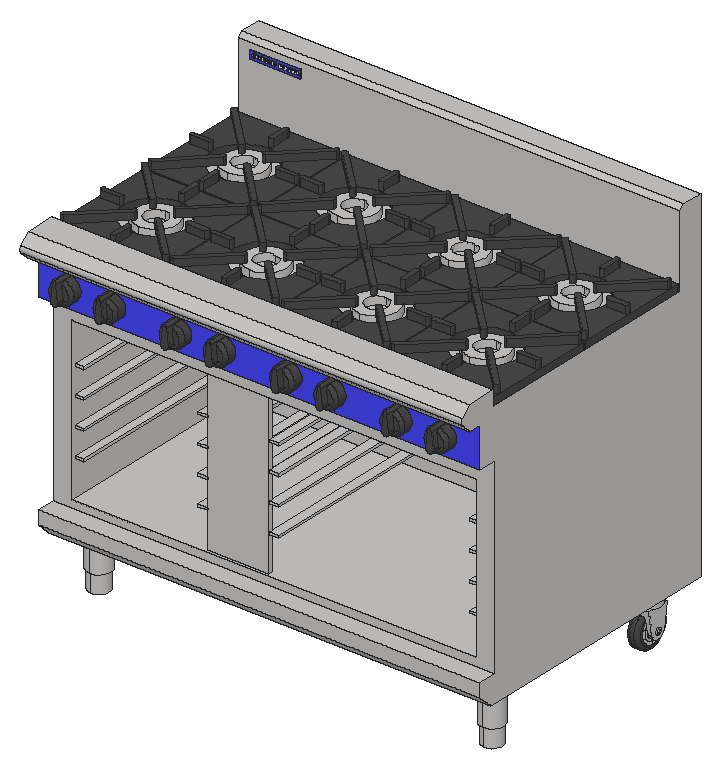
Revit family "QF_MOFFAT_BLUESEAL_CE_G518D-CB", category Specialty Equipment, Revit 2012 (continued)
Definition of nested family "GAS BURNER 1200"
  Lines and regions (mm)
    symbolic lines
      curve 372: spline (915.153, -313.898, 0) -> (914.084, -314.659, 0) -> (912.779, -315.059, 0) -> (911.328, -315.072, 0) -> (909.829, -314.697, 0) -> (908.384, -313.959, 0) -> (907.092, -312.908, 0) -> (906.041, -311.616, 0) -> (905.303, -310.171, 0) -> (904.928, -308.672, 0) -> (904.941, -307.221, 0) -> (905.341, -305.916, 0) -> (906.102, -304.847, 0)
      curve 373: line (1184.847, -313.898, 0) -> (1076.924, -202.475, 0)
      curve 374: spline (1076.924, -202.475, 0) -> (1076.163, -201.405, 0) -> (1075.762, -200.101, 0) -> (1075.749, -198.649, 0) -> (1076.125, -197.15, 0) -> (1076.863, -195.705, 0) -> (1077.914, -194.414, 0) -> (1079.205, -193.363, 0) -> (1080.65, -192.625, 0) -> (1082.149, -192.249, 0) -> (1083.601, -192.262, 0) -> (1084.905, -192.663, 0) -> (1085.975, -193.424, 0)
      curve 375: line (1085.975, -193.424, 0) -> (1193.898, -304.847, 0)
      curve 376: spline (1193.898, -304.847, 0) -> (1194.659, -305.916, 0) -> (1195.059, -307.221, 0) -> (1195.072, -308.672, 0) -> (1194.697, -310.171, 0) -> (1193.959, -311.616, 0) -> (1192.908, -312.908, 0) -> (1191.616, -313.959, 0) -> (1190.171, -314.697, 0) -> (1188.672, -315.072, 0) -> (1187.221, -315.059, 0) -> (1185.916, -314.659, 0) -> (1184.847, -313.898, 0)
      curve 377: line (1191.102, -172.9, 0) -> (1141.898, -172.9, 0)
      curve 378: spline (1141.898, -172.9, 0) -> (1140.604, -172.682, 0) -> (1139.398, -172.043, 0) -> (1138.362, -171.025, 0) -> (1137.568, -169.7, 0) -> (1137.068, -168.156, 0) -> (1136.898, -166.5, 0) -> (1137.068, -164.844, 0) -> (1137.568, -163.3, 0) -> (1138.362, -161.975, 0) -> (1139.398, -160.957, 0) -> (1140.604, -160.318, 0) -> (1141.898, -160.1, 0)
      curve 379: line (1141.898, -160.1, 0) -> (1191.102, -160.1, 0)
      curve 380: spline (1191.102, -160.1, 0) -> (1192.396, -160.318, 0) -> (1193.602, -160.957, 0) -> (1194.638, -161.975, 0) -> (1195.432, -163.3, 0) -> (1195.932, -164.844, 0) -> (1196.102, -166.5, 0) -> (1195.932, -168.156, 0) -> (1195.432, -169.7, 0) -> (1194.638, -171.025, 0) -> (1193.602, -172.043, 0) -> (1192.396, -172.682, 0) -> (1191.102, -172.9, 0)
      curve 381: line (1193.898, -31.653, 0) -> (1085.975, -139.576, 0)
      curve 382: spline (1085.975, -139.576, 0) -> (1084.905, -140.337, 0) -> (1083.601, -140.738, 0) -> (1082.149, -140.751, 0) -> (1080.65, -140.375, 0) -> (1079.205, -139.637, 0) -> (1077.914, -138.586, 0) -> (1076.863, -137.295, 0) -> (1076.125, -135.85, 0) -> (1075.749, -134.351, 0) -> (1075.762, -132.899, 0) -> (1076.163, -131.595, 0) -> (1076.924, -130.525, 0)
      curve 383: line (1076.924, -130.525, 0) -> (1184.847, -22.602, 0)
      curve 384: spline (1184.847, -22.602, 0) -> (1186.076, -21.681, 0) -> (1187.53, -21.131, 0) -> (1189.11, -20.99, 0) -> (1190.708, -21.267, 0) -> (1192.214, -21.943, 0) -> (1193.527, -22.973, 0) -> (1194.557, -24.286, 0) -> (1195.233, -25.792, 0) -> (1195.51, -27.39, 0) -> (1195.369, -28.97, 0) -> (1194.819, -30.424, 0) -> (1193.898, -31.653, 0)
      curve 385: arc (1050, -136.5, 0) -> (1020, -166.5, 0) -> (1050, -196.5, 0) r 30
      curve 386: arc (1050, -196.5, 0) -> (1080, -166.5, 0) -> (1050, -136.5, 0) r 30
      curve 387: line (1043.6, -311.102, 0) -> (1043.6, -261.898, 0)
      curve 388: spline (1043.6, -261.898, 0) -> (1043.818, -260.604, 0) -> (1044.457, -259.398, 0) -> (1045.475, -258.362, 0) -> (1046.8, -257.568, 0) -> (1048.344, -257.068, 0) -> (1050, -256.898, 0) -> (1051.656, -257.068, 0) -> (1053.2, -257.568, 0) -> (1054.525, -258.362, 0) -> (1055.543, -259.398, 0) -> (1056.182, -260.604, 0) -> (1056.4, -261.898, 0)
      curve 389: line (1056.4, -261.898, 0) -> (1056.4, -311.102, 0)
      curve 390: spline (1056.4, -311.102, 0) -> (1056.182, -312.396, 0) -> (1055.543, -313.602, 0) -> (1054.525, -314.638, 0) -> (1053.2, -315.432, 0) -> (1051.656, -315.932, 0) -> (1050, -316.102, 0) -> (1048.344, -315.932, 0) -> (1046.8, -315.432, 0) -> (1045.475, -314.638, 0) -> (1044.457, -313.602, 0) -> (1043.818, -312.396, 0) -> (1043.6, -311.102, 0)
      curve 391: line (1043.6, -378.102, 0) -> (1043.6, -328.898, 0)
      curve 392: spline (1043.6, -328.898, 0) -> (1043.818, -327.604, 0) -> (1044.457, -326.398, 0) -> (1045.475, -325.362, 0) -> (1046.8, -324.568, 0) -> (1048.344, -324.068, 0) -> (1050, -323.898, 0) -> (1051.656, -324.068, 0) -> (1053.2, -324.568, 0) -> (1054.525, -325.362, 0) -> (1055.543, -326.398, 0) -> (1056.182, -327.604, 0) -> (1056.4, -328.898, 0)
      curve 393: line (1056.4, -328.898, 0) -> (1056.4, -378.102, 0)
      curve 394: spline (1056.4, -378.102, 0) -> (1056.182, -379.396, 0) -> (1055.543, -380.602, 0) -> (1054.525, -381.638, 0) -> (1053.2, -382.432, 0) -> (1051.656, -382.932, 0) -> (1050, -383.102, 0) -> (1048.344, -382.932, 0) -> (1046.8, -382.432, 0) -> (1045.475, -381.638, 0) -> (1044.457, -380.602, 0) -> (1043.818, -379.396, 0) -> (1043.6, -378.102, 0)
      curve 395: line (915.153, -326.102, 0) -> (1023.076, -434.025, 0)
      curve 396: spline (1023.076, -434.025, 0) -> (1023.837, -435.095, 0) -> (1024.238, -436.399, 0) -> (1024.251, -437.851, 0) -> (1023.875, -439.35, 0) -> (1023.137, -440.795, 0) -> (1022.086, -442.086, 0) -> (1020.795, -443.137, 0) -> (1019.35, -443.875, 0) -> (1017.851, -444.251, 0) -> (1016.399, -444.238, 0) -> (1015.095, -443.837, 0) -> (1014.025, -443.076, 0)
      curve 397: line (1014.025, -443.076, 0) -> (906.102, -335.153, 0)
      curve 398: spline (906.102, -335.153, 0) -> (905.341, -334.084, 0) -> (904.941, -332.779, 0) -> (904.928, -331.328, 0) -> (905.303, -329.829, 0) -> (906.041, -328.384, 0) -> (907.092, -327.092, 0) -> (908.384, -326.041, 0) -> (909.829, -325.303, 0) -> (911.328, -324.928, 0) -> (912.779, -324.941, 0) -> (914.084, -325.341, 0) -> (915.153, -326.102, 0)
      curve 399: line (1076.924, -434.025, 0) -> (1184.847, -326.102, 0)
      curve 400: spline (1184.847, -326.102, 0) -> (1186.076, -325.181, 0) -> (1187.53, -324.631, 0) -> (1189.11, -324.49, 0) -> (1190.708, -324.767, 0) -> (1192.214, -325.443, 0) -> (1193.527, -326.473, 0) -> (1194.557, -327.786, 0) -> (1195.233, -329.292, 0) -> (1195.51, -330.89, 0) -> (1195.369, -332.47, 0) -> (1194.819, -333.924, 0) -> (1193.898, -335.153, 0)
      curve 401: line (1193.898, -335.153, 0) -> (1085.975, -443.076, 0)
      curve 402: spline (1085.975, -443.076, 0) -> (1084.905, -443.837, 0) -> (1083.601, -444.238, 0) -> (1082.149, -444.251, 0) -> (1080.65, -443.875, 0) -> (1079.205, -443.137, 0) -> (1077.914, -442.086, 0) -> (1076.863, -440.795, 0) -> (1076.125, -439.35, 0) -> (1075.749, -437.851, 0) -> (1075.762, -436.399, 0) -> (1076.163, -435.095, 0) -> (1076.924, -434.025, 0)
      curve 403: line (1141.898, -463.6, 0) -> (1191.102, -463.6, 0)
      curve 404: spline (1191.102, -463.6, 0) -> (1192.396, -463.818, 0) -> (1193.602, -464.457, 0) -> (1194.638, -465.475, 0) -> (1195.432, -466.8, 0) -> (1195.932, -468.344, 0) -> (1196.102, -470, 0) -> (1195.932, -471.656, 0) -> (1195.432, -473.2, 0) -> (1194.638, -474.525, 0) -> (1193.602, -475.543, 0) -> (1192.396, -476.182, 0) -> (1191.102, -476.4, 0)
      curve 405: line (1191.102, -476.4, 0) -> (1141.898, -476.4, 0)
      curve 406: spline (1141.898, -476.4, 0) -> (1140.604, -476.182, 0) -> (1139.398, -475.543, 0) -> (1138.362, -474.525, 0) -> (1137.568, -473.2, 0) -> (1137.068, -471.656, 0) -> (1136.898, -470, 0) -> (1137.068, -468.344, 0) -> (1137.568, -466.8, 0) -> (1138.362, -465.475, 0) -> (1139.398, -464.457, 0) -> (1140.604, -463.818, 0) -> (1141.898, -463.6, 0)
      curve 407: line (1085.975, -496.924, 0) -> (1193.898, -603.347, 0)
      curve 408: spline (1193.898, -603.347, 0) -> (1194.659, -604.416, 0) -> (1195.059, -605.721, 0) -> (1195.072, -607.172, 0) -> (1194.697, -608.671, 0) -> (1193.959, -610.116, 0) -> (1192.908, -611.408, 0) -> (1191.616, -612.459, 0) -> (1190.171, -613.197, 0) -> (1188.672, -613.572, 0) -> (1187.221, -613.559, 0) -> (1185.916, -613.159, 0) -> (1184.847, -612.398, 0)
      curve 409: line (1184.847, -612.398, 0) -> (1076.924, -505.975, 0)
      curve 410: spline (1076.924, -505.975, 0) -> (1076.163, -504.905, 0) -> (1075.762, -503.601, 0) -> (1075.749, -502.149, 0) -> (1076.125, -500.65, 0) -> (1076.863, -499.205, 0) -> (1077.914, -497.914, 0) -> (1079.205, -496.863, 0) -> (1080.65, -496.125, 0) -> (1082.149, -495.749, 0) -> (1083.601, -495.762, 0) -> (1084.905, -496.163, 0) -> (1085.975, -496.924, 0)
      curve 411: line (1043.6, -609.602, 0) -> (1043.6, -561.898, 0)
      curve 412: spline (1043.6, -561.898, 0) -> (1043.818, -560.604, 0) -> (1044.457, -559.398, 0) -> (1045.475, -558.362, 0) -> (1046.8, -557.568, 0) -> (1048.344, -557.068, 0) -> (1050, -556.898, 0) -> (1051.656, -557.068, 0) -> (1053.2, -557.568, 0) -> (1054.525, -558.362, 0) -> (1055.543, -559.398, 0) -> (1056.182, -560.604, 0) -> (1056.4, -561.898, 0)
      curve 413: line (1056.4, -561.898, 0) -> (1056.4, -609.602, 0)
      curve 414: spline (1056.4, -609.602, 0) -> (1056.182, -610.896, 0) -> (1055.543, -612.102, 0) -> (1054.525, -613.138, 0) -> (1053.2, -613.932, 0) -> (1051.656, -614.432, 0) -> (1050, -614.602, 0) -> (1048.344, -614.432, 0) -> (1046.8, -613.932, 0) -> (1045.475, -613.138, 0) -> (1044.457, -612.102, 0) -> (1043.818, -610.896, 0) -> (1043.6, -609.602, 0)
      curve 415: line (1023.076, -505.975, 0) -> (915.153, -612.398, 0)
      curve 416: spline (915.153, -612.398, 0) -> (914.084, -613.159, 0) -> (912.779, -613.559, 0) -> (911.328, -613.572, 0) -> (909.829, -613.197, 0) -> (908.384, -612.459, 0) -> (907.092, -611.408, 0) -> (906.041, -610.116, 0) -> (905.303, -608.671, 0) -> (904.928, -607.172, 0) -> (904.941, -605.721, 0) -> (905.341, -604.416, 0) -> (906.102, -603.347, 0)
      curve 417: line (906.102, -603.347, 0) -> (1014.025, -496.924, 0)
      curve 418: spline (1014.025, -496.924, 0) -> (1015.095, -496.163, 0) -> (1016.399, -495.762, 0) -> (1017.851, -495.749, 0) -> (1019.35, -496.125, 0) -> (1020.795, -496.863, 0) -> (1022.086, -497.914, 0) -> (1023.137, -499.205, 0) -> (1023.875, -500.65, 0) -> (1024.251, -502.149, 0) -> (1024.238, -503.601, 0) -> (1023.837, -504.905, 0) -> (1023.076, -505.975, 0)
      curve 419: arc (1050.009, -384.418, 0) -> (1020.313, -389.836, 0) -> (994.444, -405.393, 0) r 84.082
      curve 420: arc (1050.009, -552.582, 0) -> (1078.827, -547.489, 0) -> (1104.155, -532.827, 0) r 84.082
      curve 421: arc (1050, -523.5, 0) -> (1032.334, -520.693, 0) -> (1016.408, -512.55, 0) r 57
      curve 422: arc (1050, -409.5, 0) -> (1069.986, -413.119, 0) -> (1087.434, -423.515, 0) r 57
      curve 423: arc (1050, -436.5, 0) -> (1020, -466.5, 0) -> (1050, -496.5, 0) r 30
      curve 424: arc (1050, -496.5, 0) -> (1080, -466.5, 0) -> (1050, -436.5, 0) r 30
      curve 425: line (908.898, -463.6, 0) -> (958.102, -463.6, 0)
      curve 426: spline (958.102, -463.6, 0) -> (959.396, -463.818, 0) -> (960.602, -464.457, 0) -> (961.638, -465.475, 0) -> (962.432, -466.8, 0) -> (962.932, -468.344, 0) -> (963.102, -470, 0) -> (962.932, -471.656, 0) -> (962.432, -473.2, 0) -> (961.638, -474.525, 0) -> (960.602, -475.543, 0) -> (959.396, -476.182, 0) -> (958.102, -476.4, 0)
      curve 427: line (958.102, -476.4, 0) -> (908.898, -476.4, 0)
      curve 428: spline (908.898, -476.4, 0) -> (907.604, -476.182, 0) -> (906.398, -475.543, 0) -> (905.362, -474.525, 0) -> (904.568, -473.2, 0) -> (904.068, -471.656, 0) -> (903.898, -470, 0) -> (904.068, -468.344, 0) -> (904.568, -466.8, 0) -> (905.362, -465.475, 0) -> (906.398, -464.457, 0) -> (907.604, -463.818, 0) -> (908.898, -463.6, 0)
      curve 429: spline (891.102, -463.6, 0) -> (892.396, -463.818, 0) -> (893.602, -464.457, 0) -> (894.638, -465.475, 0) -> (895.432, -466.8, 0) -> (895.932, -468.344, 0) -> (896.102, -470, 0) -> (895.932, -471.656, 0) -> (895.432, -473.2, 0) -> (894.638, -474.525, 0) -> (893.602, -475.543, 0) -> (892.396, -476.182, 0) -> (891.102, -476.4, 0)
      curve 430: arc (1103.676, -103.773, 0) -> (1078.534, -89.404, 0) -> (1050.009, -84.418, 0) r 84.082
      curve 431: arc (987.129, -112.68, 0) -> (965.934, -167.408, 0) -> (985.7, -222.668, 0) r 84.082
      curve 432: arc (1005.546, -202.178, 0) -> (993, -166.598, 0) -> (1005.424, -130.975, 0) r 57
      curve 433: arc (1085.372, -211.197, 0) -> (1068.725, -220.336, 0) -> (1050, -223.5, 0) r 57
      curve 434: arc (1094.576, -130.975, 0) -> (1107, -166.598, 0) -> (1094.454, -202.178, 0) r 57
      curve 435: arc (1012.566, -423.515, 0) -> (1030.014, -413.119, 0) -> (1050, -409.5, 0) r 57
      curve 436: arc (1096.089, -432.962, 0) -> (1106.947, -468.956, 0) -> (1093.031, -503.881, 0) r 57
      curve 437: arc (1090.268, -506.842, 0) -> (1089.386, -507.704, 0) -> (1088.484, -508.547, 0) r 57
      curve 438: arc (1006.969, -503.881, 0) -> (993.053, -468.956, 0) -> (1003.911, -432.962, 0) r 57
      curve 439: arc (985.509, -414.56, 0) -> (965.932, -469.429, 0) -> (986.717, -523.853, 0) r 84.082
      curve 440: arc (1105.564, -405.385, 0) -> (1079.699, -389.834, 0) -> (1050.009, -384.418, 0) r 84.082
      curve 441: arc (1113.293, -523.862, 0) -> (1134.086, -469.429, 0) -> (1114.501, -414.55, 0) r 84.082
      curve 442: arc (1083.592, -512.55, 0) -> (1067.666, -520.693, 0) -> (1050, -523.5, 0) r 57
      curve 443: arc (995.853, -532.819, 0) -> (1021.184, -547.487, 0) -> (1050.009, -552.582, 0) r 84.082
      curve 444: arc (1014.475, -121.924, 0) -> (1031.183, -112.696, 0) -> (1050, -109.5, 0) r 57
      curve 445: arc (994.669, -231.803, 0) -> (1020.453, -247.216, 0) -> (1050.009, -252.582, 0) r 84.082
      curve 446: arc (1114.31, -222.678, 0) -> (1134.084, -167.408, 0) -> (1112.881, -112.67, 0) r 84.082
  Dimensions and locks
    equal spacing: plane 3 "LEFT", plane 7 "Center Y", plane 4 "RIGHT"
    "Width": plane 3 "LEFT" to plane 4 "RIGHT"
    equal spacing: plane 5 "FRONT", plane 8 "Center X", plane 1 "BACK"
    "Depth": plane 5 "FRONT" to plane 1 "BACK"
    aligned and locked: level to plane 2
  Automatic sketch dimensions
    curve 29 to curve 30 = 0.0 mm  (x2)
    curve 29 to curve 33 = 0.0 mm  (x2)
    curve 29 to curve 34 = 0.0 mm  (x2)
    curve 29 to curve 189 = 0.0 mm  (x2)
    curve 29 to curve 190 = 0.0 mm  (x2)
    curve 29 to curve 191 = 0.0 mm  (x2)
    curve 29 to curve 192 = 0.0 mm  (x2)
    curve 30 to curve 33 = 0.0 mm  (x2)
    curve 30 to curve 34 = 0.0 mm  (x2)
    curve 30 to curve 189 = 0.0 mm  (x2)
    curve 30 to curve 190 = 0.0 mm  (x2)
    curve 30 to curve 191 = 0.0 mm  (x2)
    curve 30 to curve 192 = 0.0 mm  (x2)
    curve 31 to curve 32 = 0.0 mm  (x2)
    curve 31 to curve 212 = 0.0 mm  (x2)
    curve 31 to curve 213 = 0.0 mm  (x2)
    curve 31 to curve 214 = 0.0 mm  (x2)
    curve 31 to curve 215 = 0.0 mm  (x2)
    curve 32 to curve 212 = 0.0 mm  (x2)
    curve 32 to curve 213 = 0.0 mm  (x2)
    curve 32 to curve 214 = 0.0 mm  (x2)
    curve 32 to curve 215 = 0.0 mm  (x2)
    curve 33 to curve 34 = 0.0 mm  (x2)
    curve 33 to curve 189 = 0.0 mm  (x2)
    curve 33 to curve 190 = 0.0 mm  (x2)
    curve 33 to curve 191 = 0.0 mm  (x2)
    curve 33 to curve 192 = 0.0 mm  (x2)
    curve 34 to curve 189 = 0.0 mm  (x2)
    curve 34 to curve 190 = 0.0 mm  (x2)
    curve 34 to curve 191 = 0.0 mm  (x2)
    curve 34 to curve 192 = 0.0 mm  (x2)
    curve 35 to curve 36 = 0.0 mm  (x2)
    curve 35 to curve 103 = 0.0 mm  (x2)
    curve 35 to curve 104 = 0.0 mm  (x2)
    curve 35 to curve 187 = 0.0 mm  (x2)
    curve 35 to curve 188 = 0.0 mm  (x2)
    curve 35 to curve 193 = 0.0 mm  (x2)
    curve 35 to curve 211 = 0.0 mm  (x2)
    curve 36 to curve 103 = 0.0 mm  (x2)
    curve 36 to curve 104 = 0.0 mm  (x2)
    curve 36 to curve 187 = 0.0 mm  (x2)
    curve 36 to curve 188 = 0.0 mm  (x2)
    curve 36 to curve 193 = 0.0 mm  (x2)
    curve 36 to curve 211 = 0.0 mm  (x2)
    curve 37 to curve 38 = 0.0 mm  (x2)
    curve 37 to curve 185 = 0.0 mm  (x2)
    curve 37 to curve 186 = 0.0 mm  (x2)
    curve 37 to curve 216 = 0.0 mm  (x2)
    curve 37 to curve 217 = 0.0 mm  (x2)
    curve 38 to curve 185 = 0.0 mm  (x2)
    curve 38 to curve 186 = 0.0 mm  (x2)
    curve 38 to curve 216 = 0.0 mm  (x2)
    curve 38 to curve 217 = 0.0 mm  (x2)
    curve 103 to curve 104 = 0.0 mm  (x2)
    curve 103 to curve 187 = 0.0 mm  (x2)
    curve 103 to curve 188 = 0.0 mm  (x2)
    curve 103 to curve 193 = 0.0 mm  (x2)
    curve 103 to curve 211 = 0.0 mm  (x2)
    curve 104 to curve 187 = 0.0 mm  (x2)
    curve 104 to curve 188 = 0.0 mm  (x2)
    curve 104 to curve 193 = 0.0 mm  (x2)
    curve 104 to curve 211 = 0.0 mm  (x2)
    curve 137 to curve 138 = 0.0 mm  (x2)
    curve 137 to curve 204 = 0.0 mm  (x2)
    curve 137 to curve 205 = 0.0 mm  (x2)
    curve 137 to curve 206 = 0.0 mm  (x2)
    curve 137 to curve 208 = 0.0 mm  (x2)
    curve 138 to curve 204 = 0.0 mm  (x2)
    curve 138 to curve 205 = 0.0 mm  (x2)
    curve 138 to curve 206 = 0.0 mm  (x2)
    curve 138 to curve 208 = 0.0 mm  (x2)
    curve 139 to curve 140 = 0.0 mm  (x2)
    curve 139 to curve 141 = 0.0 mm  (x2)
    curve 139 to curve 142 = 0.0 mm  (x2)
    curve 139 to curve 200 = 0.0 mm  (x2)
    curve 139 to curve 201 = 0.0 mm  (x2)
    curve 139 to curve 202 = 0.0 mm  (x2)
    curve 139 to curve 203 = 0.0 mm  (x2)
    curve 139 to curve 207 = 0.0 mm  (x2)
    curve 140 to curve 141 = 0.0 mm  (x2)
    curve 140 to curve 142 = 0.0 mm  (x2)
    curve 140 to curve 200 = 0.0 mm  (x2)
    curve 140 to curve 201 = 0.0 mm  (x2)
    curve 140 to curve 202 = 0.0 mm  (x2)
    curve 140 to curve 203 = 0.0 mm  (x2)
    curve 140 to curve 207 = 0.0 mm  (x2)
    curve 141 to curve 142 = 0.0 mm  (x2)
    curve 141 to curve 200 = 0.0 mm  (x2)
    curve 141 to curve 201 = 0.0 mm  (x2)
    curve 141 to curve 202 = 0.0 mm  (x2)
    curve 141 to curve 203 = 0.0 mm  (x2)
    curve 141 to curve 207 = 0.0 mm  (x2)
    curve 142 to curve 200 = 0.0 mm  (x2)
    curve 142 to curve 201 = 0.0 mm  (x2)
    curve 142 to curve 202 = 0.0 mm  (x2)
    curve 142 to curve 203 = 0.0 mm  (x2)
    curve 142 to curve 207 = 0.0 mm  (x2)
    curve 179 to curve 180 = 0.0 mm  (x2)
    curve 179 to curve 194 = 0.0 mm  (x2)
    curve 179 to curve 195 = 0.0 mm  (x2)
    curve 179 to curve 209 = 0.0 mm  (x2)
    curve 179 to curve 210 = 0.0 mm  (x2)
    curve 180 to curve 194 = 0.0 mm  (x2)
    curve 180 to curve 195 = 0.0 mm  (x2)
    curve 180 to curve 209 = 0.0 mm  (x2)
    curve 180 to curve 210 = 0.0 mm  (x2)
    curve 181 to curve 182 = 0.0 mm  (x2)
    curve 181 to curve 183 = 0.0 mm  (x2)
    curve 181 to curve 184 = 0.0 mm  (x2)
    curve 181 to curve 196 = 0.0 mm  (x2)
    curve 181 to curve 197 = 0.0 mm  (x2)
    curve 181 to curve 198 = 0.0 mm  (x2)
    curve 181 to curve 199 = 0.0 mm  (x2)
    curve 182 to curve 183 = 0.0 mm  (x2)
    curve 182 to curve 184 = 0.0 mm  (x2)
    curve 182 to curve 196 = 0.0 mm  (x2)
    curve 182 to curve 197 = 0.0 mm  (x2)
    curve 182 to curve 198 = 0.0 mm  (x2)
    curve 182 to curve 199 = 0.0 mm  (x2)
    curve 183 to curve 184 = 0.0 mm  (x2)
    curve 183 to curve 196 = 0.0 mm  (x2)
    curve 183 to curve 197 = 0.0 mm  (x2)
    curve 183 to curve 198 = 0.0 mm  (x2)
    curve 183 to curve 199 = 0.0 mm  (x2)
    curve 184 to curve 196 = 0.0 mm  (x2)
    curve 184 to curve 197 = 0.0 mm  (x2)
    curve 184 to curve 198 = 0.0 mm  (x2)
    curve 184 to curve 199 = 0.0 mm  (x2)
    curve 185 to curve 186 = 0.0 mm  (x2)
    curve 185 to curve 216 = 0.0 mm  (x2)
    curve 185 to curve 217 = 0.0 mm  (x2)
    curve 186 to curve 216 = 0.0 mm  (x2)
    curve 186 to curve 217 = 0.0 mm  (x2)
    curve 187 to curve 188 = 0.0 mm  (x2)
    curve 187 to curve 193 = 0.0 mm  (x2)
    curve 187 to curve 211 = 0.0 mm  (x2)
    curve 188 to curve 193 = 0.0 mm  (x2)
    curve 188 to curve 211 = 0.0 mm  (x2)
    curve 189 to curve 190 = 0.0 mm  (x2)
    curve 189 to curve 191 = 0.0 mm  (x2)
    curve 189 to curve 192 = 0.0 mm  (x2)
    curve 190 to curve 191 = 0.0 mm  (x2)
    curve 190 to curve 192 = 0.0 mm  (x2)
    curve 191 to curve 192 = 0.0 mm  (x2)
    curve 193 to curve 211 = 0.0 mm  (x2)
    curve 194 to curve 195 = 0.0 mm  (x2)
    curve 194 to curve 209 = 0.0 mm  (x2)
    curve 194 to curve 210 = 0.0 mm  (x2)
    curve 195 to curve 209 = 0.0 mm  (x2)
    curve 195 to curve 210 = 0.0 mm  (x2)
    curve 196 to curve 197 = 0.0 mm  (x2)
    curve 196 to curve 198 = 0.0 mm  (x2)
    curve 196 to curve 199 = 0.0 mm  (x2)
    curve 197 to curve 198 = 0.0 mm  (x2)
    curve 197 to curve 199 = 0.0 mm  (x2)
    curve 198 to curve 199 = 0.0 mm  (x2)
    curve 200 to curve 201 = 0.0 mm  (x2)
    curve 200 to curve 202 = 0.0 mm  (x2)
    curve 200 to curve 203 = 0.0 mm  (x2)
    curve 200 to curve 207 = 0.0 mm  (x2)
    curve 201 to curve 202 = 0.0 mm  (x2)
    curve 201 to curve 203 = 0.0 mm  (x2)
    curve 201 to curve 207 = 0.0 mm  (x2)
    curve 202 to curve 203 = 0.0 mm  (x2)
    curve 202 to curve 207 = 0.0 mm  (x2)
    curve 203 to curve 207 = 0.0 mm  (x2)
    curve 204 to curve 205 = 0.0 mm  (x2)
    curve 204 to curve 206 = 0.0 mm  (x2)
    curve 204 to curve 208 = 0.0 mm  (x2)
    curve 205 to curve 206 = 0.0 mm  (x2)
    curve 205 to curve 208 = 0.0 mm  (x2)
    curve 206 to curve 208 = 0.0 mm  (x2)
    curve 209 to curve 210 = 0.0 mm  (x2)
    curve 212 to curve 213 = 0.0 mm  (x2)
    curve 212 to curve 214 = 0.0 mm  (x2)
    curve 212 to curve 215 = 0.0 mm  (x2)
    curve 213 to curve 214 = 0.0 mm  (x2)
    curve 213 to curve 215 = 0.0 mm  (x2)
    curve 214 to curve 215 = 0.0 mm  (x2)
    curve 216 to curve 217 = 0.0 mm  (x2)
    curve 220 to curve 221 = 0.0 mm  (x2)
    curve 220 to curve 247 = 0.0 mm  (x2)
    curve 220 to curve 248 = 0.0 mm  (x2)
    curve 220 to curve 284 = 0.0 mm  (x2)
    curve 220 to curve 285 = 0.0 mm  (x2)
    curve 220 to curve 286 = 0.0 mm  (x2)
    curve 220 to curve 296 = 0.0 mm  (x2)
    curve 221 to curve 247 = 0.0 mm  (x2)
    curve 221 to curve 248 = 0.0 mm  (x2)
    curve 221 to curve 284 = 0.0 mm  (x2)
    curve 221 to curve 285 = 0.0 mm  (x2)
    curve 221 to curve 286 = 0.0 mm  (x2)
    curve 221 to curve 296 = 0.0 mm  (x2)
    curve 222 to curve 223 = 0.0 mm  (x2)
    curve 222 to curve 282 = 0.0 mm  (x2)
    curve 222 to curve 283 = 0.0 mm  (x2)
    curve 222 to curve 297 = 0.0 mm  (x2)
    curve 222 to curve 298 = 0.0 mm  (x2)
    curve 223 to curve 282 = 0.0 mm  (x2)
    curve 223 to curve 283 = 0.0 mm  (x2)
    curve 223 to curve 297 = 0.0 mm  (x2)
    curve 223 to curve 298 = 0.0 mm  (x2)
    curve 231 to curve 307 = 0.0 mm  (x2)
    curve 233 to curve 305 = 0.0 mm  (x2)
    curve 247 to curve 248 = 0.0 mm  (x2)
    curve 247 to curve 284 = 0.0 mm  (x2)
    curve 247 to curve 285 = 0.0 mm  (x2)
    curve 247 to curve 286 = 0.0 mm  (x2)
    curve 247 to curve 296 = 0.0 mm  (x2)
    curve 248 to curve 284 = 0.0 mm  (x2)
    curve 248 to curve 285 = 0.0 mm  (x2)
    curve 248 to curve 286 = 0.0 mm  (x2)
    curve 248 to curve 296 = 0.0 mm  (x2)
    curve 275 to curve 276 = 0.0 mm  (x2)
    curve 275 to curve 291 = 0.0 mm  (x2)
    curve 275 to curve 292 = 0.0 mm  (x2)
    curve 275 to curve 293 = 0.0 mm  (x2)
    curve 275 to curve 295 = 0.0 mm  (x2)
    curve 276 to curve 291 = 0.0 mm  (x2)
    curve 276 to curve 292 = 0.0 mm  (x2)
    curve 276 to curve 293 = 0.0 mm  (x2)
    curve 276 to curve 295 = 0.0 mm  (x2)
    curve 277 to curve 278 = 0.0 mm  (x2)
    curve 277 to curve 279 = 0.0 mm  (x2)
    curve 277 to curve 280 = 0.0 mm  (x2)
    curve 277 to curve 287 = 0.0 mm  (x2)
    curve 277 to curve 288 = 0.0 mm  (x2)
    curve 277 to curve 289 = 0.0 mm  (x2)
    curve 277 to curve 290 = 0.0 mm  (x2)
    curve 277 to curve 294 = 0.0 mm  (x2)
    curve 278 to curve 279 = 0.0 mm  (x2)
    curve 278 to curve 280 = 0.0 mm  (x2)
    curve 278 to curve 287 = 0.0 mm  (x2)
    curve 278 to curve 288 = 0.0 mm  (x2)
    curve 278 to curve 289 = 0.0 mm  (x2)
    curve 278 to curve 290 = 0.0 mm  (x2)
    curve 278 to curve 294 = 0.0 mm  (x2)
    curve 279 to curve 280 = 0.0 mm  (x2)
    curve 279 to curve 287 = 0.0 mm  (x2)
    curve 279 to curve 288 = 0.0 mm  (x2)
    curve 279 to curve 289 = 0.0 mm  (x2)
    curve 279 to curve 290 = 0.0 mm  (x2)
    curve 279 to curve 294 = 0.0 mm  (x2)
    curve 280 to curve 287 = 0.0 mm  (x2)
    curve 280 to curve 288 = 0.0 mm  (x2)
    curve 280 to curve 289 = 0.0 mm  (x2)
    curve 280 to curve 290 = 0.0 mm  (x2)
    curve 280 to curve 294 = 0.0 mm  (x2)
    curve 282 to curve 283 = 0.0 mm  (x2)
    curve 282 to curve 297 = 0.0 mm  (x2)
    curve 282 to curve 298 = 0.0 mm  (x2)
    curve 283 to curve 297 = 0.0 mm  (x2)
    curve 283 to curve 298 = 0.0 mm  (x2)
    curve 284 to curve 285 = 0.0 mm  (x2)
    curve 284 to curve 286 = 0.0 mm  (x2)
    curve 284 to curve 296 = 0.0 mm  (x2)
    curve 285 to curve 286 = 0.0 mm  (x2)
    curve 285 to curve 296 = 0.0 mm  (x2)
    curve 286 to curve 296 = 0.0 mm  (x2)
    curve 287 to curve 288 = 0.0 mm  (x2)
    curve 287 to curve 289 = 0.0 mm  (x2)
    curve 287 to curve 290 = 0.0 mm  (x2)
    curve 287 to curve 294 = 0.0 mm  (x2)
    curve 288 to curve 289 = 0.0 mm  (x2)
    curve 288 to curve 290 = 0.0 mm  (x2)
    curve 288 to curve 294 = 0.0 mm  (x2)
    curve 289 to curve 290 = 0.0 mm  (x2)
    curve 289 to curve 294 = 0.0 mm  (x2)
    curve 290 to curve 294 = 0.0 mm  (x2)
    curve 291 to curve 292 = 0.0 mm  (x2)
    curve 291 to curve 293 = 0.0 mm  (x2)
    curve 291 to curve 295 = 0.0 mm  (x2)
    curve 292 to curve 293 = 0.0 mm  (x2)
    curve 292 to curve 295 = 0.0 mm  (x2)
    curve 293 to curve 295 = 0.0 mm  (x2)
    curve 297 to curve 298 = 0.0 mm  (x2)
    curve 338 to curve 339 = 0.0 mm  (x2)
    curve 338 to curve 385 = 0.0 mm  (x2)
    curve 338 to curve 386 = 0.0 mm  (x2)
    curve 338 to curve 432 = 0.0 mm  (x2)
    curve 338 to curve 433 = 0.0 mm  (x2)
    curve 338 to curve 434 = 0.0 mm  (x2)
    curve 338 to curve 444 = 0.0 mm  (x2)
    curve 339 to curve 385 = 0.0 mm  (x2)
    curve 339 to curve 386 = 0.0 mm  (x2)
    curve 339 to curve 432 = 0.0 mm  (x2)
    curve 339 to curve 433 = 0.0 mm  (x2)
    curve 339 to curve 434 = 0.0 mm  (x2)
    curve 339 to curve 444 = 0.0 mm  (x2)
    curve 340 to curve 341 = 0.0 mm  (x2)
    curve 340 to curve 430 = 0.0 mm  (x2)
    curve 340 to curve 431 = 0.0 mm  (x2)
    curve 340 to curve 445 = 0.0 mm  (x2)
    curve 340 to curve 446 = 0.0 mm  (x2)
    curve 341 to curve 430 = 0.0 mm  (x2)
    curve 341 to curve 431 = 0.0 mm  (x2)
    curve 341 to curve 445 = 0.0 mm  (x2)
    curve 341 to curve 446 = 0.0 mm  (x2)
    curve 385 to curve 386 = 0.0 mm  (x2)
    curve 385 to curve 432 = 0.0 mm  (x2)
    curve 385 to curve 433 = 0.0 mm  (x2)
    curve 385 to curve 434 = 0.0 mm  (x2)
    curve 385 to curve 444 = 0.0 mm  (x2)
    curve 386 to curve 432 = 0.0 mm  (x2)
    curve 386 to curve 433 = 0.0 mm  (x2)
    curve 386 to curve 434 = 0.0 mm  (x2)
    curve 386 to curve 444 = 0.0 mm  (x2)
    curve 419 to curve 420 = 0.0 mm  (x2)
    curve 419 to curve 439 = 0.0 mm  (x2)
    curve 419 to curve 440 = 0.0 mm  (x2)
    curve 419 to curve 441 = 0.0 mm  (x2)
    curve 419 to curve 443 = 0.0 mm  (x2)
    curve 420 to curve 439 = 0.0 mm  (x2)
    curve 420 to curve 440 = 0.0 mm  (x2)
    curve 420 to curve 441 = 0.0 mm  (x2)
    curve 420 to curve 443 = 0.0 mm  (x2)
    curve 421 to curve 422 = 0.0 mm  (x2)
    curve 421 to curve 423 = 0.0 mm  (x2)
    curve 421 to curve 424 = 0.0 mm  (x2)
    curve 421 to curve 435 = 0.0 mm  (x2)
    curve 421 to curve 436 = 0.0 mm  (x2)
    curve 421 to curve 437 = 0.0 mm  (x2)
    curve 421 to curve 438 = 0.0 mm  (x2)
    curve 421 to curve 442 = 0.0 mm  (x2)
    curve 422 to curve 423 = 0.0 mm  (x2)
    curve 422 to curve 424 = 0.0 mm  (x2)
    curve 422 to curve 435 = 0.0 mm  (x2)
    curve 422 to curve 436 = 0.0 mm  (x2)
    curve 422 to curve 437 = 0.0 mm  (x2)
    curve 422 to curve 438 = 0.0 mm  (x2)
    curve 422 to curve 442 = 0.0 mm  (x2)
    curve 423 to curve 424 = 0.0 mm  (x2)
    curve 423 to curve 435 = 0.0 mm  (x2)
    curve 423 to curve 436 = 0.0 mm  (x2)
    curve 423 to curve 437 = 0.0 mm  (x2)
    curve 423 to curve 438 = 0.0 mm  (x2)
    curve 423 to curve 442 = 0.0 mm  (x2)
    curve 424 to curve 435 = 0.0 mm  (x2)
    curve 424 to curve 436 = 0.0 mm  (x2)
    curve 424 to curve 437 = 0.0 mm  (x2)
    curve 424 to curve 438 = 0.0 mm  (x2)
    curve 424 to curve 442 = 0.0 mm  (x2)
    curve 430 to curve 431 = 0.0 mm  (x2)
    curve 430 to curve 445 = 0.0 mm  (x2)
    curve 430 to curve 446 = 0.0 mm  (x2)
    curve 431 to curve 445 = 0.0 mm  (x2)
    curve 431 to curve 446 = 0.0 mm  (x2)
    curve 432 to curve 433 = 0.0 mm  (x2)
    curve 432 to curve 434 = 0.0 mm  (x2)
    curve 432 to curve 444 = 0.0 mm  (x2)
    curve 433 to curve 434 = 0.0 mm  (x2)
    curve 433 to curve 444 = 0.0 mm  (x2)
    curve 434 to curve 444 = 0.0 mm  (x2)
    curve 435 to curve 436 = 0.0 mm  (x2)
    curve 435 to curve 437 = 0.0 mm  (x2)
    curve 435 to curve 438 = 0.0 mm  (x2)
    curve 435 to curve 442 = 0.0 mm  (x2)
    curve 436 to curve 437 = 0.0 mm  (x2)
    curve 436 to curve 438 = 0.0 mm  (x2)
    curve 436 to curve 442 = 0.0 mm  (x2)
    curve 437 to curve 438 = 0.0 mm  (x2)
    curve 437 to curve 442 = 0.0 mm  (x2)
    curve 438 to curve 442 = 0.0 mm  (x2)
    curve 439 to curve 440 = 0.0 mm  (x2)
    curve 439 to curve 441 = 0.0 mm  (x2)
    curve 439 to curve 443 = 0.0 mm  (x2)
    curve 440 to curve 441 = 0.0 mm  (x2)
    curve 440 to curve 443 = 0.0 mm  (x2)
    curve 441 to curve 443 = 0.0 mm  (x2)
    curve 445 to curve 446 = 0.0 mm  (x2)
    plane 5 "FRONT" to curve 74 = 0.0 mm
    plane 1 "BACK" to curve 64 = 0.0 mm
    plane 5 "FRONT" to curve 82 = 0.0 mm
    plane 1 "BACK" to curve 56 = 0.0 mm
    plane 1 "BACK" to curve 322 = 0.0 mm
    plane 5 "FRONT" to curve 303 = 0.0 mm
    plane 1 "BACK" to curve 350 = 0.0 mm
    plane 5 "FRONT" to curve 362 = 0.0 mm
    plane 3 "LEFT" to curve 64 = 1.0 mm
    plane 3 "LEFT" to curve 74 = 1.0 mm
    curve 67 to plane 8 "Center X" = 1.0 mm
    plane 3 "LEFT" to curve 67 = 4.0 mm
    curve 72 to curve 66 = 0.0 mm
    plane 3 "LEFT" to curve 74 = 4.0 mm
    plane 3 "LEFT" to curve 64 = 4.0 mm
    plane 3 "LEFT" to curve 118 = 6.102 mm
    plane 3 "LEFT" to curve 102 = 6.102 mm
    plane 3 "LEFT" to curve 125 = 6.102 mm
    plane 3 "LEFT" to curve 94 = 6.102 mm
    plane 3 "LEFT" to curve 122 = 8.898 mm
    plane 3 "LEFT" to curve 95 = 8.898 mm
    curve 94 to curve 94 = 4.525 mm
    curve 102 to curve 102 = 4.525 mm
    curve 125 to curve 126 = 4.525 mm
    curve 118 to curve 118 = 4.525 mm
    curve 121 to curve 121 = 49.204 mm
    curve 97 to curve 96 = 49.204 mm
    curve 124 to curve 206 = 27.397 mm
    curve 96 to curve 217 = 27.588 mm
    curve 123 to curve 206 = 28.605 mm
    curve 97 to curve 217 = 29.017 mm
    curve 206 to curve 205 = 8.937 mm
    curve 217 to curve 38 = 8.97 mm
    curve 206 to curve 138 = 9.138 mm
    curve 217 to curve 185 = 9.204 mm
    curve 206 to curve 201 = 18.412 mm
    curve 217 to curve 193 = 18.305 mm
    curve 217 to curve 193 = 19.856 mm
    curve 206 to curve 201 = 20.262 mm
    curve 201 to curve 202 = 2.762 mm
    curve 202 to curve 202 = 1.784 mm
    curve 201 to curve 140 = 8.655 mm
    curve 193 to curve 92 = 8.479 mm
    curve 193 to curve 100 = 8.601 mm
    curve 201 to curve 119 = 10.114 mm
    curve 201 to curve 128 = 7.056 mm
    curve 193 to curve 36 = 9.051 mm
    curve 193 to curve 188 = 9.081 mm
    curve 202 to curve 207 = 4.893 mm
    curve 92 to curve 92 = 4.525 mm
    curve 120 to curve 120 = 4.525 mm
    curve 128 to curve 128 = 4.525 mm
    curve 100 to curve 100 = 4.525 mm
    curve 110 to plane 8 "Center X" = 11.398 mm
    curve 205 to curve 110 = 49.164 mm
    curve 108 to curve 111 = 0.0 mm
    plane 1 "BACK" to curve 40 = 25.398 mm
    curve 185 to curve 40 = 47.276 mm
    curve 138 to curve 130 = 47.755 mm
    curve 41 to curve 185 = 6.391 mm
    curve 120 to curve 204 = 31.44 mm
    curve 37 to curve 104 = 0.009 mm
    curve 40 to curve 40 = 6.4 mm
    curve 107 to curve 106 = 6.4 mm
    curve 131 to curve 130 = 6.4 mm
    curve 137 to curve 207 = 0.009 mm
    curve 111 to curve 110 = 6.4 mm
    curve 103 to curve 89 = 26.924 mm
    curve 103 to curve 2 = 26.924 mm
    curve 141 to curve 133 = 26.924 mm
    curve 141 to curve 113 = 26.924 mm
    curve 1 to curve 2 = 4.525 mm
    curve 88 to curve 88 = 4.525 mm
    curve 114 to curve 114 = 4.525 mm
    curve 133 to curve 136 = 4.525 mm
    curve 136 to curve 139 = 6.668 mm
    curve 89 to curve 35 = 8.448 mm
    curve 2 to curve 211 = 8.601 mm
    curve 114 to curve 200 = 10.51 mm
    curve 135 to curve 203 = 7.056 mm
    curve 88 to curve 187 = 8.479 mm
    curve 2 to curve 187 = 8.601 mm
    curve 200 to curve 203 = 8.655 mm
    curve 211 to curve 37 = 18.144 mm
    curve 139 to curve 208 = 20.555 mm
    curve 35 to curve 216 = 19.959 mm
    curve 200 to curve 137 = 18.122 mm
    curve 37 to curve 186 = 9.203 mm
    curve 208 to curve 204 = 9.136 mm
    curve 216 to curve 186 = 8.969 mm
    curve 137 to curve 204 = 8.936 mm
    curve 187 to curve 6 = 47.322 mm
    curve 204 to curve 145 = 28.615 mm
    curve 134 to plane 5 "FRONT" = 22.602 mm
    curve 208 to curve 134 = 80.7 mm
    plane 8 "Center X" to curve 90 = 3.602 mm
    curve 216 to curve 90 = 79.516 mm
    curve 113 to plane 8 "Center X" = 8.602 mm
    curve 113 to curve 90 = 0.0 mm
    plane 1 "BACK" to curve 4 = 22.602 mm
    curve 37 to curve 4 = 81.178 mm
    curve 1 to curve 4 = 4.525 mm
    curve 133 to curve 134 = 4.525 mm
    curve 5 to curve 8 = 49.204 mm
    curve 145 to curve 146 = 49.204 mm
    curve 71 to plane 8 "Center X" = 4.0 mm
    curve 116 to curve 71 = 6.628 mm
    curve 4 to curve 63 = 11.153 mm
    curve 67 to curve 71 = 0.0 mm
    curve 76 to plane 5 "FRONT" = 3.0 mm
    curve 133 to curve 76 = 11.153 mm
    curve 70 to curve 69 = 3.0 mm
    curve 69 to curve 57 = 2.0 mm
    curve 76 to curve 82 = 2.0 mm
    curve 80 to curve 80 = 3.0 mm
    curve 58 to plane 8 "Center X" = 1.0 mm
    curve 58 to curve 79 = 0.0 mm
    curve 81 to curve 82 = 3.0 mm
    curve 57 to curve 56 = 3.0 mm
    plane 1 "BACK" to curve 9 = 31.653 mm
    curve 3 to curve 9 = 12.205 mm
    curve 149 to plane 8 "Center X" = 17.653 mm
    curve 80 to curve 149 = 2.102 mm
    plane 8 "Center X" to curve 47 = 12.653 mm
    curve 58 to curve 47 = 2.102 mm
    curve 134 to curve 170 = 12.205 mm
    curve 7 to curve 44 = 17.796 mm
    curve 146 to curve 174 = 17.796 mm
    curve 170 to curve 170 = 4.525 mm
    curve 47 to curve 48 = 4.525 mm
    curve 9 to curve 12 = 4.525 mm
    curve 148 to curve 148 = 4.525 mm
    curve 44 to curve 43 = 49.204 mm
    curve 174 to curve 172 = 49.204 mm
    curve 173 to curve 210 = 27.407 mm
    curve 46 to curve 215 = 27.598 mm
    curve 46 to curve 215 = 29.027 mm
    curve 171 to curve 210 = 32.533 mm
    curve 210 to curve 209 = 8.936 mm
    curve 215 to curve 32 = 8.969 mm
    curve 215 to curve 212 = 9.203 mm
    curve 210 to curve 198 = 18.402 mm
    curve 215 to curve 189 = 18.296 mm
    curve 215 to curve 189 = 19.847 mm
    curve 180 to curve 198 = 16.335 mm
    curve 198 to curve 182 = 8.655 mm
    curve 189 to curve 50 = 8.479 mm
    curve 198 to curve 168 = 7.056 mm
    curve 189 to curve 9 = 8.601 mm
    curve 198 to curve 150 = 10.114 mm
    curve 189 to curve 30 = 9.051 mm
    curve 189 to curve 192 = 9.081 mm
    curve 198 to curve 197 = 9.439 mm
    curve 9 to curve 10 = 4.525 mm
    curve 50 to curve 50 = 4.525 mm
    curve 169 to curve 168 = 4.525 mm
    curve 149 to curve 150 = 4.525 mm
    curve 168 to curve 168 = 4.525 mm
    plane 1 "BACK" to curve 16 = 25.398 mm
    curve 212 to curve 16 = 47.268 mm
    plane 8 "Center X" to curve 53 = 6.398 mm
    curve 32 to curve 53 = 48.931 mm
    curve 151 to curve 53 = 0.0 mm
    curve 197 to curve 176 = 27.192 mm
    curve 168 to curve 183 = 26.924 mm
    curve 151 to curve 154 = 6.4 mm
    curve 13 to curve 14 = 6.4 mm
    curve 178 to curve 178 = 6.4 mm
    curve 10 to curve 189 = 31.449 mm
    curve 52 to curve 52 = 6.4 mm
    curve 29 to curve 212 = 0.009 mm
    curve 181 to curve 210 = 0.009 mm
    curve 33 to curve 17 = 26.924 mm
    curve 183 to curve 155 = 26.924 mm
    curve 183 to curve 165 = 26.924 mm
    curve 33 to curve 27 = 26.924 mm
    curve 156 to curve 156 = 4.525 mm
    curve 18 to curve 18 = 4.525 mm
    curve 165 to curve 164 = 4.525 mm
    curve 26 to curve 26 = 4.525 mm
    curve 164 to curve 181 = 6.668 mm
    curve 27 to curve 29 = 8.448 mm
    curve 17 to curve 190 = 8.601 mm
    curve 156 to curve 199 = 10.51 mm
    curve 164 to curve 196 = 7.056 mm
    curve 26 to curve 191 = 8.479 mm
    curve 18 to curve 191 = 8.601 mm
    curve 199 to curve 196 = 8.655 mm
    curve 190 to curve 31 = 18.152 mm
    curve 181 to curve 195 = 20.563 mm
    curve 29 to curve 214 = 19.967 mm
    curve 199 to curve 179 = 18.13 mm
    curve 31 to curve 213 = 9.204 mm
    curve 195 to curve 194 = 9.138 mm
    curve 214 to curve 213 = 8.97 mm
    curve 179 to curve 194 = 8.937 mm
    curve 194 to curve 160 = 28.605 mm
    curve 191 to curve 22 = 47.322 mm
    curve 158 to plane 8 "Center X" = 8.602 mm
    curve 179 to curve 158 = 79.283 mm
    curve 166 to plane 7 "Center Y" = 15.153 mm
    curve 17 to plane 7 "Center Y" = 15.153 mm
    plane 8 "Center X" to curve 27 = 3.602 mm
    curve 27 to curve 158 = 0.0 mm
    curve 155 to curve 158 = 4.525 mm
    curve 28 to curve 28 = 4.525 mm
    curve 166 to curve 166 = 4.525 mm
    curve 21 to plane 7 "Center Y" = 8.898 mm
    curve 161 to plane 7 "Center Y" = 8.898 mm
    curve 62 to plane 7 "Center Y" = 4.0 mm
    curve 79 to plane 7 "Center Y" = 4.0 mm
    curve 83 to plane 7 "Center Y" = 4.0 mm
    curve 60 to curve 86 = 0.0 mm
    curve 61 to plane 7 "Center Y" = 1.0 mm
    curve 84 to plane 7 "Center Y" = 1.0 mm
    plane 7 "Center Y" to curve 309 = 2.0 mm
    plane 7 "Center Y" to curve 320 = 2.0 mm
    curve 321 to curve 322 = 3.0 mm
    curve 320 to plane 8 "Center X" = 1.0 mm
    curve 320 to curve 320 = 3.0 mm
    curve 302 to curve 303 = 3.0 mm
    curve 308 to curve 319 = 0.0 mm
    plane 7 "Center Y" to curve 317 = 7.102 mm
    plane 7 "Center Y" to curve 301 = 7.102 mm
    plane 7 "Center Y" to curve 328 = 7.102 mm
    plane 7 "Center Y" to curve 315 = 7.102 mm
    plane 7 "Center Y" to curve 312 = 9.898 mm
    plane 7 "Center Y" to curve 325 = 9.898 mm
    curve 318 to curve 317 = 4.525 mm
    curve 315 to curve 315 = 4.525 mm
    curve 300 to curve 301 = 4.525 mm
    curve 326 to curve 328 = 4.525 mm
    curve 323 to curve 219 = 49.204 mm
    curve 312 to curve 281 = 49.204 mm
    curve 311 to curve 291 = 27.407 mm
    curve 219 to curve 283 = 27.598 mm
    curve 281 to curve 291 = 28.615 mm
    curve 219 to curve 283 = 29.027 mm
    curve 291 to curve 275 = 8.936 mm
    curve 283 to curve 297 = 8.969 mm
    curve 291 to curve 295 = 9.136 mm
    curve 283 to curve 222 = 9.203 mm
    curve 291 to curve 290 = 18.402 mm
    curve 283 to curve 284 = 18.296 mm
    curve 283 to curve 284 = 19.847 mm
    curve 291 to curve 290 = 20.253 mm
    curve 290 to curve 287 = 8.655 mm
    curve 284 to curve 234 = 8.479 mm
    curve 290 to curve 257 = 10.114 mm
    curve 290 to curve 300 = 7.056 mm
    curve 284 to curve 326 = 8.601 mm
    curve 284 to curve 296 = 9.051 mm
    curve 284 to curve 220 = 9.081 mm
    curve 290 to curve 277 = 9.439 mm
    curve 313 to curve 257 = 4.525 mm
    curve 274 to curve 274 = 4.525 mm
    curve 318 to curve 234 = 4.525 mm
    curve 326 to curve 218 = 4.525 mm
    curve 295 to curve 271 = 47.747 mm
    curve 253 to plane 8 "Center X" = 11.398 mm
    curve 275 to curve 253 = 49.156 mm
    curve 249 to curve 254 = 0.0 mm
    curve 222 to curve 227 = 47.268 mm
    curve 234 to curve 296 = 31.449 mm
    curve 224 to curve 225 = 6.4 mm
    curve 249 to curve 250 = 6.4 mm
    curve 274 to curve 294 = 26.924 mm
    curve 256 to curve 256 = 6.4 mm
    curve 273 to curve 273 = 6.4 mm
    curve 220 to curve 282 = 0.009 mm
    curve 277 to curve 291 = 0.009 mm
    curve 279 to curve 261 = 26.924 mm
    curve 280 to curve 268 = 26.924 mm
    curve 247 to curve 245 = 26.924 mm
    curve 248 to curve 235 = 26.924 mm
    curve 244 to curve 244 = 4.525 mm
    curve 261 to curve 261 = 4.525 mm
    curve 236 to curve 236 = 4.525 mm
    curve 268 to curve 269 = 4.525 mm
    curve 268 to curve 294 = 6.668 mm
    curve 236 to curve 285 = 8.448 mm
    curve 245 to curve 221 = 8.601 mm
    curve 261 to curve 278 = 10.51 mm
    curve 294 to curve 289 = 4.893 mm
    curve 289 to curve 289 = 1.784 mm
    curve 289 to curve 288 = 2.762 mm
    curve 236 to curve 286 = 8.479 mm
    curve 244 to curve 286 = 8.601 mm
    curve 278 to curve 288 = 8.655 mm
    curve 221 to curve 282 = 18.152 mm
    curve 294 to curve 276 = 20.563 mm
    curve 285 to curve 223 = 19.967 mm
    curve 278 to curve 292 = 18.13 mm
    curve 282 to curve 298 = 9.204 mm
    curve 276 to curve 293 = 9.138 mm
    curve 223 to curve 298 = 8.97 mm
    curve 292 to curve 293 = 8.937 mm
    curve 288 to curve 265 = 45.809 mm
    curve 286 to curve 240 = 47.322 mm
    plane 1 "BACK" to curve 245 = 22.602 mm
    curve 282 to curve 245 = 81.17 mm
    curve 258 to plane 8 "Center X" = 8.602 mm
    curve 292 to curve 258 = 79.283 mm
    curve 267 to plane 5 "FRONT" = 22.602 mm
    curve 276 to curve 267 = 80.692 mm
    plane 8 "Center X" to curve 235 = 3.602 mm
    curve 235 to curve 259 = 0.0 mm
    curve 238 to curve 238 = 4.525 mm
    curve 258 to curve 259 = 4.525 mm
    curve 265 to curve 429 = 48.204 mm
    curve 240 to curve 346 = 48.204 mm
    curve 346 to curve 241 = 1.0 mm
    curve 429 to curve 264 = 1.0 mm
    curve 368 to plane 5 "FRONT" = 3.0 mm
    curve 268 to curve 368 = 10.153 mm
    curve 366 to curve 366 = 3.0 mm
    plane 1 "BACK" to curve 347 = 3.0 mm
    curve 246 to curve 347 = 10.153 mm
    curve 349 to curve 366 = 0.0 mm
    curve 368 to curve 233 = 1.0 mm
    curve 347 to curve 228 = 1.0 mm  (x2)
    curve 349 to curve 319 = 1.0 mm
    curve 366 to curve 231 = 1.0 mm
    curve 367 to curve 307 = 1.0 mm
    curve 231 to curve 365 = 1.0 mm
    curve 228 to curve 357 = 1.0 mm
    curve 356 to curve 350 = 3.0 mm
    curve 363 to curve 362 = 3.0 mm
    curve 355 to curve 355 = 3.0 mm
    curve 358 to curve 354 = 0.0 mm
    curve 417 to plane 5 "FRONT" = 31.653 mm
    curve 267 to curve 417 = 11.205 mm
    plane 1 "BACK" to curve 332 = 31.653 mm
    curve 246 to curve 332 = 11.205 mm
    plane 8 "Center X" to curve 369 = 12.653 mm
    curve 355 to curve 369 = 2.102 mm
    curve 365 to curve 398 = 2.102 mm
    curve 242 to curve 337 = 16.796 mm
    curve 263 to curve 428 = 16.796 mm
    curve 372 to curve 372 = 4.525 mm
    curve 332 to curve 333 = 4.525 mm
    curve 398 to curve 398 = 4.525 mm
    curve 417 to curve 416 = 4.525 mm
    curve 337 to curve 335 = 49.204 mm
    curve 428 to curve 427 = 49.204 mm
    curve 426 to curve 439 = 27.407 mm
    curve 335 to curve 431 = 27.598 mm
    curve 427 to curve 439 = 28.615 mm
    curve 335 to curve 431 = 29.027 mm
    curve 439 to curve 419 = 8.936 mm
    curve 431 to curve 445 = 8.969 mm
    curve 439 to curve 443 = 9.136 mm
    curve 431 to curve 340 = 9.203 mm
    curve 439 to curve 438 = 18.402 mm
    curve 431 to curve 432 = 18.296 mm
    curve 431 to curve 432 = 19.847 mm
    curve 439 to curve 438 = 20.253 mm
    curve 438 to curve 435 = 8.655 mm
    curve 432 to curve 331 = 8.601 mm
    curve 438 to curve 417 = 7.056 mm
    curve 438 to curve 397 = 10.114 mm
    curve 432 to curve 369 = 8.479 mm
    curve 432 to curve 444 = 9.051 mm
    curve 432 to curve 338 = 9.081 mm
    curve 438 to curve 421 = 9.439 mm
    curve 418 to curve 418 = 4.525 mm
    curve 370 to curve 370 = 4.525 mm
    curve 331 to curve 331 = 4.525 mm
    curve 397 to curve 396 = 4.525 mm
    curve 443 to curve 411 = 47.747 mm
    curve 392 to plane 8 "Center X" = 11.398 mm
    curve 419 to curve 392 = 49.156 mm
    curve 390 to curve 392 = 0.0 mm
    curve 340 to curve 342 = 47.268 mm
    curve 371 to curve 338 = 26.924 mm
    curve 342 to curve 345 = 6.4 mm
    curve 396 to curve 424 = 26.924 mm
    curve 387 to curve 388 = 6.4 mm
    curve 411 to curve 414 = 6.4 mm
    curve 391 to curve 392 = 6.4 mm
    curve 338 to curve 340 = 0.009 mm
    curve 421 to curve 439 = 0.009 mm
    curve 386 to curve 374 = 26.924 mm
    curve 424 to curve 410 = 26.924 mm
    curve 424 to curve 399 = 26.924 mm
    curve 386 to curve 382 = 26.924 mm
    curve 402 to curve 402 = 4.525 mm
    curve 382 to curve 382 = 4.525 mm
    curve 374 to curve 374 = 4.525 mm
    curve 409 to curve 410 = 4.525 mm
    curve 409 to curve 442 = 6.668 mm
    curve 374 to curve 433 = 8.448 mm
    curve 382 to curve 339 = 8.601 mm
    curve 399 to curve 422 = 10.51 mm
    curve 442 to curve 437 = 4.893 mm
    curve 437 to curve 437 = 1.784 mm
    curve 437 to curve 436 = 2.762 mm
    curve 374 to curve 434 = 8.479 mm
    curve 382 to curve 434 = 8.601 mm
    curve 422 to curve 436 = 8.655 mm
    curve 339 to curve 430 = 18.152 mm
    curve 442 to curve 420 = 20.563 mm
    curve 433 to curve 341 = 19.967 mm
    curve 422 to curve 440 = 18.13 mm
    curve 430 to curve 446 = 9.204 mm
    curve 420 to curve 441 = 9.138 mm
    curve 341 to curve 446 = 8.97 mm
    curve 440 to curve 441 = 8.937 mm
    curve 441 to curve 405 = 28.605 mm
    curve 434 to curve 379 = 47.322 mm
    plane 4 "RIGHT" to curve 384 = 15.153 mm
    plane 4 "RIGHT" to curve 409 = 15.153 mm
    plane 8 "Center X" to curve 376 = 3.602 mm
    curve 341 to curve 376 = 79.508 mm
    curve 400 to plane 8 "Center X" = 8.602 mm
    curve 400 to curve 373 = 0.0 mm
    curve 384 to curve 384 = 4.525 mm
    curve 408 to curve 408 = 4.525 mm
    plane 4 "RIGHT" to curve 379 = 8.898 mm
    plane 4 "RIGHT" to curve 403 = 8.898 mm
    plane 4 "RIGHT" to curve 359 = 4.0 mm
    plane 4 "RIGHT" to curve 361 = 4.0 mm
    plane 4 "RIGHT" to curve 350 = 4.0 mm
    curve 354 to plane 8 "Center X" = 1.0 mm
    curve 354 to curve 359 = 0.0 mm
    plane 4 "RIGHT" to curve 352 = 1.0 mm
    plane 4 "RIGHT" to curve 360 = 1.0 mm
    curve 361 to curve 409 = 19.602 mm
    curve 303 to curve 301 = 19.602 mm
    curve 84 to curve 165 = 19.602 mm
    curve 74 to curve 127 = 19.602 mm
    curve 414 to plane 5 "FRONT" = 25.398 mm
    curve 175 to plane 5 "FRONT" = 25.398 mm
    curve 270 to plane 5 "FRONT" = 25.398 mm
    curve 129 to plane 5 "FRONT" = 25.398 mm
    curve 412 to curve 420 = 9.316 mm
    curve 129 to curve 208 = 9.316 mm
    curve 176 to curve 195 = 9.316 mm
    curve 270 to curve 295 = 9.316 mm
    curve 442 to curve 437 = 4.003 mm
    curve 294 to curve 289 = 4.003 mm
    curve 207 to curve 202 = 4.003 mm
    curve 181 to curve 184 = 27.0 mm
    curve 277 to curve 280 = 27.0 mm
    curve 421 to curve 424 = 27.0 mm
    curve 139 to curve 141 = 27.0 mm
    curve 204 to curve 144 = 47.453 mm
    curve 198 to curve 172 = 27.481 mm
    curve 293 to curve 263 = 47.462 mm
    curve 441 to curve 406 = 47.462 mm
    curve 291 to curve 312 = 47.453 mm
    curve 263 to curve 427 = 0.0 mm
    curve 206 to curve 124 = 47.462 mm
    curve 194 to curve 160 = 47.462 mm
    curve 144 to curve 144 = 6.4 mm
    curve 263 to curve 263 = 6.4 mm
    curve 405 to curve 406 = 6.4 mm
    curve 426 to curve 426 = 6.4 mm
    curve 171 to curve 174 = 6.4 mm
    curve 310 to curve 312 = 6.4 mm
    curve 161 to curve 162 = 6.4 mm
    curve 122 to curve 122 = 6.4 mm
    curve 209 to curve 152 = 6.316 mm
    curve 275 to curve 255 = 6.316 mm
    curve 419 to curve 391 = 6.316 mm
    curve 137 to curve 109 = 6.316 mm
    curve 151 to plane 8 "Center X" = 11.398 mm
    curve 359 to curve 353 = 6.0 mm
    curve 77 to curve 80 = 0.0 mm
    curve 231 to curve 365 = 0.0 mm
    curve 66 to curve 91 = 1.602 mm
    plane 8 "Center X" to curve 108 = 6.398 mm
    plane 8 "Center X" to curve 387 = 6.398 mm
    plane 8 "Center X" to curve 249 = 6.398 mm
    curve 316 to curve 317 = 4.525 mm  (x2)
    curve 320 to curve 317 = 10.653 mm
    curve 250 to curve 297 = 9.316 mm
    curve 388 to curve 445 = 9.316 mm
    curve 52 to curve 214 = 9.316 mm
    curve 105 to curve 216 = 9.316 mm
    curve 29 to curve 33 = 27.0 mm
    curve 220 to curve 247 = 27.0 mm
    curve 35 to curve 103 = 27.0 mm
    curve 338 to curve 385 = 27.0 mm
    curve 298 to curve 242 = 49.778 mm
    curve 187 to curve 6 = 29.278 mm
    curve 217 to curve 98 = 49.778 mm
    curve 283 to curve 325 = 49.768 mm
    curve 432 to curve 335 = 29.278 mm
    curve 189 to curve 46 = 29.278 mm
    curve 24 to curve 323 = 0.0 mm
    curve 446 to curve 377 = 49.778 mm
    curve 377 to curve 378 = 6.4 mm
    curve 7 to curve 8 = 6.4 mm
    curve 335 to curve 335 = 6.4 mm
    curve 239 to curve 242 = 6.4 mm
    curve 95 to curve 98 = 6.4 mm
    curve 323 to curve 325 = 6.4 mm
    curve 24 to curve 24 = 6.4 mm
    curve 45 to curve 44 = 6.4 mm
    curve 340 to curve 344 = 9.816 mm
    curve 31 to curve 14 = 9.816 mm
    curve 37 to curve 39 = 9.816 mm
    curve 222 to curve 227 = 9.816 mm
    plane 1 "BACK" to curve 224 = 25.398 mm
    plane 1 "BACK" to curve 343 = 25.398 mm
    plane 1 "BACK" to Extrusion 1 sketch curve = 0.0 mm
    plane 5 "FRONT" to Extrusion 1 sketch curve = 0.0 mm
    plane 3 "LEFT" to Extrusion 1 sketch curve = 1.0 mm  (x2)
    plane 1 "BACK" to Extrusion 1 sketch curve = 3.0 mm  (x2)
    plane 8 "Center X" to Extrusion 1 sketch curve = 149.0 mm
    plane 8 "Center X" to Extrusion 1 sketch curve = 2.0 mm  (x2)
    Extrusion 1 sketch curve to plane 8 "Center X" = 1.0 mm
    Extrusion 1 sketch curve to Extrusion 1 sketch curve = 3.0 mm  (x3)
    Extrusion 1 sketch curve to plane 8 "Center X" = 151.0 mm
    Extrusion 1 sketch curve to plane 5 "FRONT" = 3.0 mm  (x2)
    plane 3 "LEFT" to Extrusion 1 sketch curve = 149.991 mm  (x2)
    Extrusion 1 sketch curve to Extrusion 1 sketch curve = 146.009 mm
    Extrusion 1 sketch curve to Extrusion 1 sketch curve = 0.0 mm
    Extrusion 2 sketch curve to Extrusion 1 = 22.602 mm  (x2)
    Extrusion 2 sketch curve to Extrusion 1 = 25.398 mm  (x2)
    Extrusion 2 sketch curve to Extrusion 2 sketch curve = 4.525 mm  (x16)
    Extrusion 2 sketch curve to Extrusion 2 sketch curve = 49.204 mm  (x5)
    Extrusion 2 sketch curve to Extrusion 2 sketch curve = 55.923 mm  (x5)
    Extrusion 2 sketch curve to Extrusion 2 sketch curve = 0.0 mm  (x5)
    Extrusion 2 sketch curve to Extrusion 2 sketch curve = 20.524 mm  (x8)
    Extrusion 2 sketch curve to Extrusion 2 sketch curve = 6.4 mm  (x8)
    Extrusion 2 sketch curve to Extrusion 2 sketch curve = 53.847 mm  (x8)
    Extrusion 2 sketch curve to Extrusion 1 = 56.602 mm
    Extrusion 2 sketch curve to Extrusion 1 = 5.102 mm  (x6)
    Extrusion 2 sketch curve to Extrusion 1 = 13.653 mm  (x2)
    Extrusion 2 sketch curve to Extrusion 1 = 7.398 mm  (x2)
    Extrusion 2 sketch curve to Extrusion 1 = 4.602 mm  (x2)
    Extrusion 2 sketch curve to Extrusion 1 = 7.898 mm  (x4)
    Extrusion 2 sketch curve to Extrusion 1 = 31.653 mm  (x2)
    Extrusion 2 sketch curve to Extrusion 1 = 57.102 mm
    Extrusion 2 sketch curve to Extrusion 1 = 14.153 mm
    Extrusion 3 sketch curve to Extrusion 3 sketch curve = 0.0 mm  (x24)
    plane 1 "BACK" to Extrusion 3 sketch curve = 109.5 mm
    Extrusion 3 sketch curve to Extrusion 3 sketch curve = 27.0 mm  (x2)
    Extrusion 3 sketch curve to Extrusion 3 sketch curve = 30.0 mm  (x2)
    Extrusion 3 sketch curve to plane 8 "Center X" = 92.0 mm
    plane 3 "LEFT" to Extrusion 3 sketch curve = 150.0 mm  (x2)
